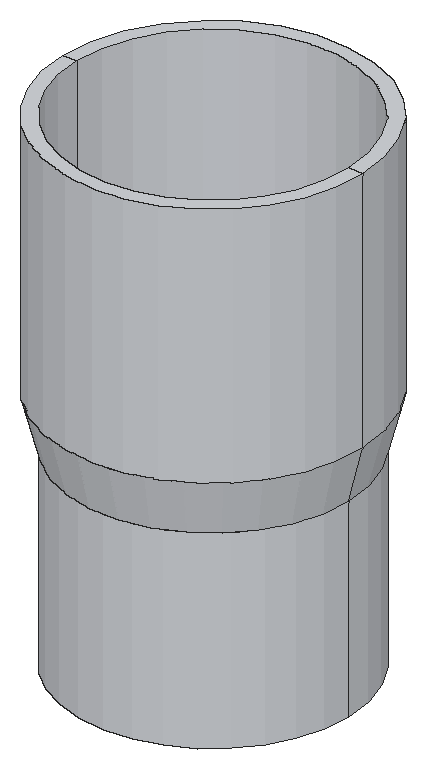
Revit family "FA1B", category Generic Models, Revit 2017
Family settings
  Can host rebar = No
  Round Connector Dimension = Use Diameter
  Part Type = Normal
  Work Plane-Based = Yes
  Always vertical = No
  Cut with Voids When Loaded = No
  Shared = No
  Room Calculation Point = No
Parameters (values of type "NBS Standard Parameters")
  Weight = "0.0286Kg"
  WarrantyStartDate [instance] = "1900-12-31T23:59:59"
  WarrantyGuarantorParts = "n/a"
  WarrantyGuarantorLabor = "n/a"
  WarrantyDurationUnit = "1 year"
  WarrantyDurationParts = "n/a"
  WarrantyDurationLabor = "n/a"
  WarrantyDescription = "n/a"
  Version = "1"
  Uniclass2 = "Pr_65_70_11_20"
  TagNumber [instance] = "n/a"
  SustainabilityPerformance = "n/a"
  Size = "20mm"
  Shape = "Circular"
  SerialNumber [instance] = "n/a"
  Revision = "n/a"
  ReplacementCost = "n/a"
  ProductInformation = "www.metpro.co.uk/pdf/fa1g.pdf"
  NominalWidth = 22 mm
  NominalLength = 22 mm
  NominalHeight = 36 mm
  Name = ""
  NBSTypeID = ""
  NBSReference = "90-55-10/460"
  NBSOfficeMasterTag = ""
  NBSNote = ""
  NBSDescription = "Conduit Fittings"
  NBSCertification = ""
  ModelReference = "FA1B"
  ModelNumber = "n/a"
  Material = "Steel"
  ManufacturerURL = "www.metpro.co.uk"
  ManufacturerName = "Metpro Ltd"
  Keynote = "Compliant to LU Standard 1-085"
  InstallationDate [instance] = "1900-12-31T23:59:59"
  IfcExportType = ""
  IfcExportAs = ""
  Grade = "n/a"
  Finish = "Black"
  Features = "n/a"
  ExpectedLife = "n/a"
  DurationUnit = "year"
  Description = "FA1B  20mm (M) - 3/4\" (F)  Conduit Adaptor"
  Default Elevation = 1219.2 mm
  Constituents = "n/a"
  Color = "n/a"
  CodePerformance = "n/a"
  Category = "n/a"
  BarCode [instance] = "n/a"
  BIMObjectName = "Metpro_Metprolibrary_Conduitfittings_Metalcomponents_Steelaccesorries"
  Author = "Metpro Limited"
  AssetType = ""
  AssetIdentifier [instance] = "n/a"
  AccessibilityPerformance = "n/a"
Reference planes
  plane 1 "Center (Front/Back)": y = 0
  plane 2: z = 0
  plane 3 "Center (Left/Right)": x = 0
Forms (mm)
  Revolve 1, solid
    sketch origin (-11.449, -11.97, 26.2) x (0, 0, -1) y (1, 0, 0)
      loop
        line (-13.226, -4.348) -> (-13.226, -5.381) -> (4.782, -5.381) -> (7.899, -6.216) -> (22.789, -6.216) -> (22.789, -5.381) -> (8.636, -5.381) -> (4.782, -4.348) -> (-13.226, -4.348)
      axis (-13.226, -15.381) -> (22.789, -15.381)
    angle from 0 to 360
Dimensions and locks
  aligned and locked: level to plane 2
